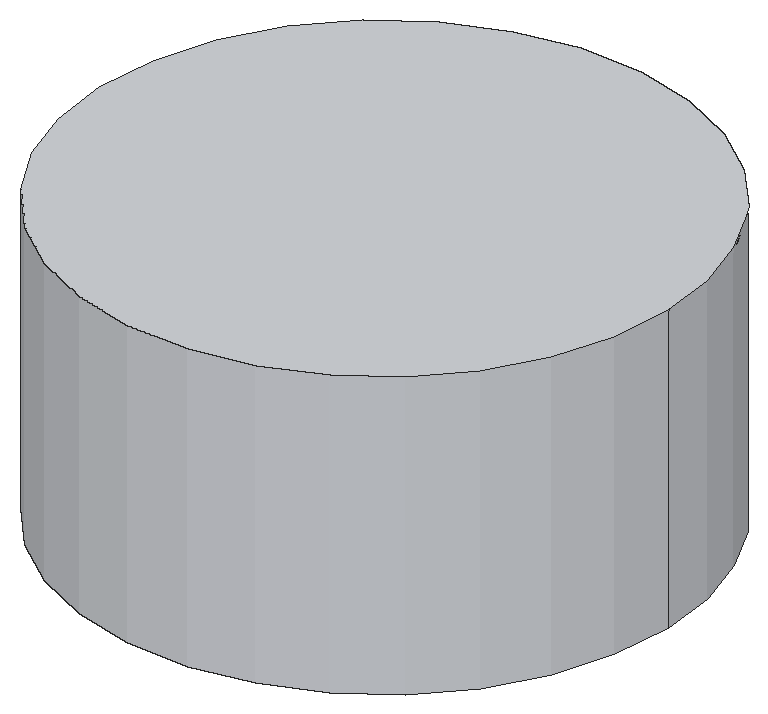
Revit family "07101600_Shrinkwrap_1", category Specialty Equipment, Revit 2020
Family settings
  Round Connector Dimension = Use Diameter
  Part Type = Normal
  OmniClass Number = 23.40.40.00
  OmniClass Title = Food Service Equipment and Furnishings
  Work Plane-Based = No
  Always vertical = Yes
  Cut with Voids When Loaded = No
  Shared = No
  Room Calculation Point = No
Parameters (values of type "Standard")
  URL = "https://www.rustfriebergh.no/produkter/kj-lte-arbeidsbord/kj-lt-arbeidsbord-rbe/"
  Model = "RBE-1600"
  Manufacturer = "Rustfrie Bergh As"
  Description = "Kjølt arbeidsbord RBE-1600"
  Default Elevation = 0 mm
Reference planes
  plane 1 "Center (Front/Back)": y = 0
  plane 2: z = 0
  plane 3 "Center (Left/Right)": x = 0
Forms (mm)
  Extrusion 1, solid
    sketch origin (460.939, 254, 148.5) x (0, 1, 0) y (1, 0, 0)
      loop
        circle (0, 0) r 3.048
    from 0 to -3.048
Dimensions and locks
  aligned and locked: level to plane 2
Connectors
  electrical at (460.939, 254, 148.5)
    settings: on Extrusion 1, index 1, voltage 230 V, apparent load 480 VA, apparent load phase1 0 VA, apparent load phase2 0 VA, apparent load phase3 0 VA, power factor 0, load classification "Other", number of poles 1, system type 30, power factor state 1, is connector primary yes, connector utility no, sub classification motor no, connector description "230 V 50/60 Hz 2,1 A"
